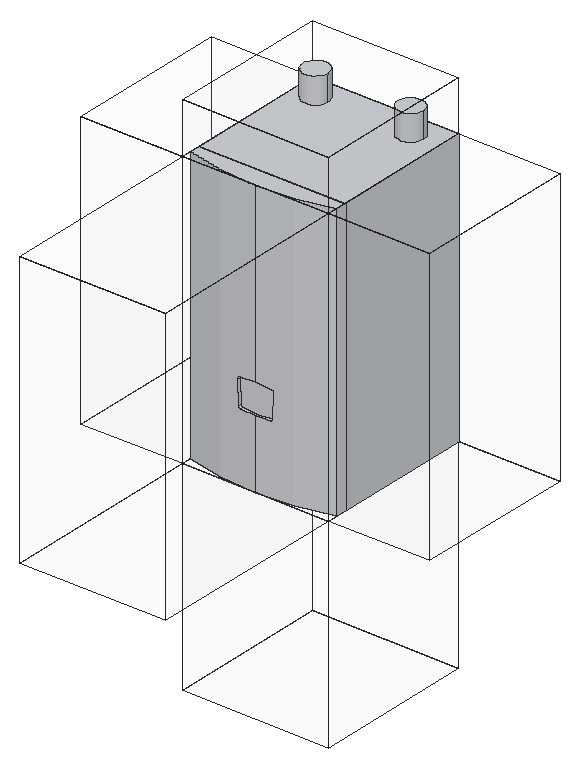
Revit family "Epic Combi EPC110N-199N", category Mechanical Equipment, Revit 2016
Family settings
  Part Type = Normal
  Round Connector Dimension = Use Diameter
  Work Plane-Based = No
  Always vertical = Yes
  Cut with Voids When Loaded = No
  Shared = No
  Room Calculation Point = No
Parameters (values of type "EPC110N")
  Voltage/Heater = "120"
  Voltage/Control = "24"
  VENT SIZE = 3"
  URL = "http://www.lochinvar.com/products/default.aspx?type=productline&lineid=240"
  Total Amps = "2.2"
  Top Clearance = 6"
  SES BIM Studio # = "18 0649 05"
  Right Clearance = 12"
  R Domestic In Offset from Right = 5"
  Q Boiler Water Out Offset from Right = 12 3/4"
  P Condensate Offset from Right = 14 1/2"
  OUTPUT RATE (BTUH) = "102,000"
  O Boiler Water In Offset from Right = 2 3/4"
  N DHW Out Offset from Right = 10 1/2"
  Model = MODEL NO.  # "EPC110N"
  Manufacturer = "Lochinvar"
  MODEL NO. = "EPC110N"
  M Water Offset from Back = 9"
  Left Clearance = 12"
  L Condensate Offset from Back = 2 3/4"
  K Gas Offset from Back = 13 1/2"
  J Gas Offset from Left = 8 3/4"
  INPUT RATE (BTUH) = "110,000"
  I Combustion Air Offset from Right = 3 1/2"
  GAS CONN = 1/2"
  GALLON CAPACITY = "1.4"
  G Combustion Air Offset from Back = 2 3/4"
  Fuel Type = "Natural or LP"
  Front Clearance Depth = 24"
  Front Clearance = 24"
  FUEL TYPE = "NATURAL GAS"
  Electrical Offset from Right = 3 1/2"
  Electrical Offset from Back = 11 3/4"
  E Vent Offset from Back = 2 3/4"
  Description = "Epic Fire Tube Combi"
  DHW Diameter = 3/4"
  D Vent Offset from Right = 14 3/4"
  Condensate Diameter = 3/4"
  Clearance Display = yes
  C_UNIT DEPTH = 18"
  Bottom Clearance = 24"
  B_UNIT WIDTH = 17 1/4"
  BOILER WATER CONN = 1"
  A_UNIT HEIGHT = 32 1/2"
  AIR INLET = 3"
  # of Electrical Connections = "1"
Types (4): name | R Domestic In Offset from Right | Q Boiler Water Out Offset from Right | P Condensate Offset from Right | OUTPUT RATE (BTUH) | O Boiler Water In Offset from Right | N DHW Out Offset from Right | Model | MODEL NO. | M Water Offset from Back | L Condensate Offset from Back | J Gas Offset from Left | INPUT RATE (BTUH) | I Combustion Air Offset from Right | GALLON CAPACITY | G Combustion Air Offset from Back | D Vent Offset from Right | B_UNIT WIDTH
  (no name) | 5" | 12 3/4" | 14 1/2" | "102,000" | 2 3/4" | 10 1/2" | "EPC110N" | "EPC110N" | 9" | 2 3/4" | 8 3/4" | "110,000" | 3 1/2" | "1.4" | 2 3/4" | 14 3/4" | 17 1/4"
  EPC110N | 5" | 12 3/4" | 14 1/2" | "102,000" | 2 3/4" | 10 1/2" | "EPC110N" | "EPC110N" | 9" | 2 3/4" | 8 3/4" | "110,000" | 3 1/2" | "1.4" | 2 3/4" | 14 3/4" | 17 1/4"
  EPC150N | 7 1/4" | 13 3/4" | 6 1/4" | "139,000" | 5" | 11 1/2" | "EPC150N" | "EPC150N" | 9" | 3" | 2 3/4" | "150,000" | 6 1/4" | "2.0" | 11 3/4" | 6 3/4" | 18 3/4"
  EPC199N | 5 1/4" | 13" | 5 1/2" | "185,000" | 2 3/4" | 10 1/2" | "EPC199N" | "EPC199N" | 9 1/2" | 2 3/4" | 2 3/4" | "199,999" | 5 1/2" | "2.7" | 11 1/2" | 5 1/2" | 18 3/4"
Reference planes (in)
  plane 1 "Center (Front/Back)": y = 0
  plane 2: z = 0
  plane 3 "Center (Left/Right)": x = 0
  plane 4 "Unit Right": x = 8.625
  plane 5 "Unit Left": x = -8.625
  plane 6: y = -18
  plane 7: y = -16.75
  plane 8 "Unit Front": y = -19.25
  plane 9 "Unit Top": z = 32.5
  plane 10: y = -2.75
  plane 11: y = -2.75
  plane 12: y = -2.75
  plane 13: y = -9
  plane 14: y = -13.5
  plane 15: y = -11.75
  plane 16: x = -5.875
  plane 17: x = -6.125
  plane 18: x = -4.125
  plane 19: x = -1.875
  plane 20: x = 0.125
  plane 21: x = 5.125
  plane 22: x = 5.875
  plane 23: x = 3.625
  plane 24: x = 5.125
  plane 25 "Top Clearance": z = 38.5
  plane 26 "Bottom Clearance": z = -24
  plane 27 "Front Clearance": y = -43.25
  plane 28 "Left Clearance": x = -20.625
  plane 29 "Right Clearance": x = 20.625
Forms (in)
  Extrusion 1, solid
    sketch origin (0, 0, 0) x (1, 0, 0) y (0, 1, 0)
      loop
        line (-8.625, 0) -> (-8.625, -16.75) -> (8.625, -16.75) -> (8.625, 0) -> (-8.625, 0)
    from 0 to 32.5
  Extrusion 2, solid
    sketch origin (0, 0, 0) x (1, 0, 0) y (0, 1, 0)
      loop
        line (-8.625, -16.75) -> (-8.625, -18)
        arc (-8.625, -18) -> (-4.35755, -18.93586) -> (0, -19.25) r 30.38281
        arc (0, -19.25) -> (4.35755, -18.93586) -> (8.625, -18) r 30.38281
        line (8.625, -18) -> (8.625, -16.75) -> (-8.625, -16.75)
    from 0 to 32.5
  Extrusion 3, void
    sketch origin (0, -19.25, 0) x (-1, 0, 0) y (0, 0, 1)
      loop
        line (0, 11.6875) -> (-1.89423, 11.55504)
        arc (-1.89423, 11.55504) -> (-2.06258, 11.47293) -> (-2.12664, 11.29693) r 0.25
        line (-2.12664, 11.29693) -> (-2.02857, 8.48853)
        arc (-2.02857, 8.48853) -> (-1.95912, 8.32418) -> (-1.79778, 8.24798) r 0.25
        line (-1.79778, 8.24798) -> (0, 8.11049) -> (1.79778, 8.24798)
        arc (1.79778, 8.24798) -> (1.95912, 8.32418) -> (2.02857, 8.48853) r 0.25
        line (2.02857, 8.48853) -> (2.12664, 11.29693)
        arc (2.12664, 11.29693) -> (2.06258, 11.47293) -> (1.89423, 11.55504) r 0.25
        line (1.89423, 11.55504) -> (0, 11.6875)
    from 0 to 0.375
  Extrusion 4, solid
    sketch origin (0, 0, 32.5) x (1, 0, 0) y (0, 1, 0)
      loop
        circle (-6.125, -2.75) r 1.5
      loop
        circle (5.125, -2.75) r 1.5
    from 0 to 3
  Extrusion 5, solid
    sketch origin (0, 0, 0) x (0, 1, 0) y (1, 0, 0)
      loop
        circle (-9, -4.125) r 0.5
      loop
        circle (-9, -1.875) r 0.375
      loop
        circle (-9, 3.625) r 0.375
      loop
        circle (-9, 5.875) r 0.5
    from 0 to 1
  Extrusion 6, solid
    sketch origin (-0.28051, 1.49603, 0) x (0, 1, 0) y (1, 0, 0)
      loop
        circle (-4.24603, -5.59449) r 0.375
    from 0 to 3
  Extrusion 7, solid
    sketch origin (0, 0, 0) x (0, 1, 0) y (1, 0, 0)
      loop
        circle (-13.5, 0.125) r 0.25
    from 0 to 1
  Extrusion 8, solid
    sketch origin (0, 0, 0) x (0, 1, 0) y (1, 0, 0)
      loop
        circle (-11.75, 5.125) r 0.25
    from 0 to 0.25
  Extrusion 9, solid, material "Clearance", visible <- "Clearance Display"
    sketch origin (0, 0, 32.5) x (0, -1, 0) y (1, 0, 0)
      loop
        line (0, -8.625) -> (19.25, -8.625) -> (19.25, 8.625) -> (0, 8.625) -> (0, -8.625)
    from 0 to 6
  Extrusion 10, solid, material "Clearance", visible <- "Clearance Display"
    sketch origin (0, 0, 0) x (1, 0, 0) y (0, 1, 0)
      loop
        line (-8.625, -19.25) -> (-8.625, -43.25) -> (8.625, -43.25) -> (8.625, -19.25) -> (-8.625, -19.25)
    from 0 to 32.5
  Extrusion 11, solid, material "Clearance", visible <- "Clearance Display"
    sketch origin (0, 0, 0) x (1, 0, 0) y (0, 1, 0)
      loop
        line (-20.625, 0) -> (-20.625, -19.25) -> (-8.625, -19.25) -> (-8.625, 0) -> (-20.625, 0)
    from 0 to 32.5
  Extrusion 12, solid, material "Clearance", visible <- "Clearance Display"
    sketch origin (0, 0, 0) x (1, 0, 0) y (0, 1, 0)
      loop
        line (8.625, 0) -> (8.625, -19.25) -> (20.625, -19.25) -> (20.625, 0) -> (8.625, 0)
    from 0 to 32.5
  Extrusion 13, solid, material "Clearance", visible <- "Clearance Display"
    sketch origin (0, 0, 0) x (0, 1, 0) y (1, 0, 0)
      loop
        line (0, -8.625) -> (0, 8.625) -> (-19.25, 8.625) -> (-19.25, -8.625) -> (0, -8.625)
    from 0 to 24
Cuts and joins
  Extrusion 3 cuts Extrusion 1
  Extrusion 3 cuts Extrusion 2
Dimensions and locks (in)
  equal spacing: plane 5 "Unit Left", plane 3 "Center (Left/Right)", plane 4 "Unit Right"
  "B_UNIT WIDTH": plane 5 "Unit Left" to plane 4 "Unit Right"
  "A_UNIT HEIGHT": plane 9 "Unit Top" to plane 2
  "C_UNIT DEPTH": plane 1 "Center (Front/Back)" to plane 6
  locked: plane 6 to plane 8 "Unit Front" at 1.25
  locked: plane 7 to plane 6 at 1.25
  "P Condensate Offset from Right": plane 16 to plane 4 "Unit Right"
  "D Vent Offset from Right": plane 17 to plane 4 "Unit Right"
  "I Combustion Air Offset from Right": plane 24 to plane 4 "Unit Right"
  "K Gas Offset from Back": plane 1 "Center (Front/Back)" to plane 14
  "Electrical Offset from Back": plane 1 "Center (Front/Back)" to plane 15
  "M Water Offset from Back": plane 1 "Center (Front/Back)" to plane 13
  "E Vent Offset from Back": plane 11 to plane 1 "Center (Front/Back)"
  "G Combustion Air Offset from Back": plane 1 "Center (Front/Back)" to plane 12
  "L Condensate Offset from Back": plane 1 "Center (Front/Back)" to plane 10
  "J Gas Offset from Left": plane 5 "Unit Left" to plane 20
  "O Boiler Water In Offset from Right": plane 22 to plane 4 "Unit Right"
  "Electrical Offset from Right": plane 21 to plane 4 "Unit Right"
  "R Domestic In Offset from Right": plane 23 to plane 4 "Unit Right"
  "N DHW Out Offset from Right": plane 19 to plane 4 "Unit Right"
  "Q Boiler Water Out Offset from Right": plane 18 to plane 4 "Unit Right"
  "Left Clearance": plane 28 "Left Clearance" to plane 5 "Unit Left"
  "Right Clearance": plane 4 "Unit Right" to plane 29 "Right Clearance"
  "Front Clearance": plane 8 "Unit Front" to plane 27 "Front Clearance"
  "Top Clearance": plane 25 "Top Clearance" to plane 9 "Unit Top"
  "Bottom Clearance": plane 2 to plane 26 "Bottom Clearance"
  "VENT SIZE": diameter of Extrusion 4 sketch curve
  "AIR INLET": diameter of Extrusion 4 sketch curve
  "GAS CONN": diameter of Extrusion 7 sketch curve
  "Condensate Diameter": diameter of Extrusion 6 sketch curve
  "BOILER WATER CONN": diameter of Extrusion 5 sketch curve  (x2)
  "DHW Diameter": diameter of Extrusion 5 sketch curve  (x2)
  aligned and locked: plane 2 to level
  aligned and locked: Extrusion 1 to plane 7
  aligned and locked: plane 5 "Unit Left" to Extrusion 1
  aligned and locked: Extrusion 1 to plane 1 "Center (Front/Back)"
  aligned and locked: Extrusion 1 to plane 4 "Unit Right"
  aligned and locked: Extrusion 1 to plane 9 "Unit Top"
  aligned and locked: Extrusion 2 sketch curve to plane 7
  aligned and locked: plane 5 "Unit Left" to Extrusion 2 sketch curve
  aligned and locked: plane 4 "Unit Right" to Extrusion 2 sketch curve
  aligned and locked: plane 8 "Unit Front" to Extrusion 2 sketch curve
  aligned and locked: Extrusion 2 to Extrusion 1
  aligned and locked: plane 11 to Extrusion 4 sketch curve
  aligned and locked: plane 17 to Extrusion 4 sketch curve
  aligned and locked: plane 12 to Extrusion 4 sketch curve
  aligned and locked: plane 24 to Extrusion 4 sketch curve
  aligned and locked: plane 10 to Extrusion 6 sketch curve
  aligned and locked: plane 16 to Extrusion 6 sketch curve
  aligned and locked: plane 20 to Extrusion 7 sketch curve
  aligned and locked: plane 14 to Extrusion 7 sketch curve
  aligned and locked: plane 15 to Extrusion 8 sketch curve
  aligned and locked: plane 21 to Extrusion 8 sketch curve
  aligned and locked: plane 13 to Extrusion 5 sketch curve  (x4)
  aligned and locked: plane 18 to Extrusion 5 sketch curve
  aligned and locked: plane 19 to Extrusion 5 sketch curve
  aligned and locked: plane 23 to Extrusion 5 sketch curve
  aligned and locked: plane 22 to Extrusion 5 sketch curve
  aligned and locked: Extrusion 9 sketch curve to cut or joined group of Extrusion 1, Extrusion 3  (x2)
  aligned and locked: Extrusion 9 sketch curve to plane 8 "Unit Front"
  aligned and locked: Extrusion 9 sketch curve to plane 4 "Unit Right"
  aligned and locked: Extrusion 9 to plane 25 "Top Clearance"
  aligned and locked: Extrusion 10 sketch curve to Extrusion 9  (x2)
  aligned and locked: plane 27 "Front Clearance" to Extrusion 10 sketch curve
  aligned and locked: plane 4 "Unit Right" to Extrusion 10 sketch curve
  aligned and locked: Extrusion 10 to plane 9 "Unit Top"
  aligned and locked: plane 1 "Center (Front/Back)" to Extrusion 11 sketch curve
  aligned and locked: Extrusion 11 sketch curve to plane 28 "Left Clearance"
  aligned and locked: Extrusion 11 sketch curve to Extrusion 9
  aligned and locked: Extrusion 11 sketch curve to Extrusion 10
  aligned and locked: Extrusion 12 sketch curve to cut or joined group of Extrusion 1, Extrusion 3
  aligned and locked: Extrusion 12 sketch curve to Extrusion 9
  aligned and locked: plane 8 "Unit Front" to Extrusion 12 sketch curve
  aligned and locked: plane 29 "Right Clearance" to Extrusion 12 sketch curve
  aligned and locked: Extrusion 11 to plane 9 "Unit Top"
  aligned and locked: Extrusion 12 to plane 9 "Unit Top"
  aligned and locked: Extrusion 13 sketch curve to cut or joined group of Extrusion 1, Extrusion 3
  aligned and locked: Extrusion 13 sketch curve to Extrusion 9  (x2)
  aligned and locked: Extrusion 13 sketch curve to Extrusion 10
  aligned and locked: plane 26 "Bottom Clearance" to Extrusion 13
Automatic sketch dimensions
  Extrusion 1 sketch curve to plane 5 "Unit Left" = 0"
  Extrusion 1 sketch curve to plane 4 "Unit Right" = 0"
  Extrusion 1 sketch curve to plane 7 = 0"
  plane 1 "Center (Front/Back)" to Extrusion 1 sketch curve = 0"
  Extrusion 2 sketch curve to plane 3 "Center (Left/Right)" = 0"
  Extrusion 2 sketch curve to plane 6 = 0"  (x2)
  Extrusion 2 sketch curve to plane 3 "Center (Left/Right)" = 0.00023"
  plane 3 "Center (Left/Right)" to Extrusion 2 sketch curve = 0.00023"
  Extrusion 3 sketch curve to plane 3 "Center (Left/Right)" = 0"  (x2)
  plane 3 "Center (Left/Right)" to Extrusion 3 sketch curve = 1.77872"
  Extrusion 3 sketch curve to Extrusion 3 sketch curve = 0.01906"  (x2)
  plane 3 "Center (Left/Right)" to Extrusion 3 sketch curve = 1.87679"
  Extrusion 3 sketch curve to Extrusion 3 sketch curve = 0.01744"  (x2)
  Extrusion 3 sketch curve to Extrusion 3 sketch curve = 0.24985"  (x3)
  Extrusion 3 sketch curve to plane 3 "Center (Left/Right)" = 1.77872"
  Extrusion 3 sketch curve to plane 3 "Center (Left/Right)" = 1.87679"
  level to Extrusion 3 sketch curve = 8.11049"
  Extrusion 3 sketch curve to Extrusion 3 sketch curve = 0.13749"  (x2)
  Extrusion 3 sketch curve to Extrusion 3 sketch curve = 0.24055"  (x2)
  Extrusion 3 sketch curve to Extrusion 3 sketch curve = 0.00872"  (x3)
  Extrusion 3 sketch curve to Extrusion 3 sketch curve = 2.80839"  (x2)
  Extrusion 3 sketch curve to Extrusion 3 sketch curve = 0.13246"
  radius of Extrusion 8 sketch curve = 1/4"
Connectors (in)
  hvac at (5.125, -2.75, 35.5), driven by "AIR INLET"
    settings: on Extrusion 4, index 1, duct flow 0 CFM, flow factor 0, pres drop 0.00 in-wg, loss coef 0, conn angle 0.00°, conn width 12", conn height 12", conn diameter 3", duct sys type 1, conn prof type 0, flow config 0, flow direction 1, loss method 0, conn ref index -1, conn util no, is conn primary yes, conn desc "Air Inlet Connection"
  hvac at (-6.125, -2.75, 35.5), driven by "VENT SIZE"
    settings: on Extrusion 4, index 2, duct flow 0 CFM, flow factor 0, pres drop 0.00 in-wg, loss coef 0, conn angle 0.00°, conn width 12", conn height 12", conn diameter 3", duct sys type 3, conn prof type 0, flow config 0, flow direction 2, loss method 0, conn ref index -1, conn util no, is conn primary no, conn desc "Vent Connection"
  piping at (-5.875, -2.75, -3), diameter 0.75, driven by "Condensate Diameter"
    settings: on Extrusion 6, index 3, connector inside diameter 24", connector length 0", flow factor 0, pipe flow 0 GPM, pressure drop 0.00 psi, fitting loss kfactor 0, connector angle 0.00°, fixture units 0, engagement length 0", angle of deflection 0.00°, flow configuration 0, flow direction 2, fitting loss method 0, system type 16, joint type 0, gender type 0, connector reference index -1, connector utility 0, adjustable connector no, is connector primary yes, connector description "Condensate Connection"
  piping at (-4.125, -9, -1), diameter 1, driven by "BOILER WATER CONN"
    settings: on Extrusion 5, index 4, connector inside diameter 24", connector length 0", flow factor 0, pipe flow 0 GPM, pressure drop 0.00 psi, fitting loss kfactor 0, connector angle 0.00°, fixture units 0, engagement length 0", angle of deflection 0.00°, flow configuration 0, flow direction 2, fitting loss method 0, system type 7, joint type 0, gender type 0, connector reference index -1, connector utility 0, adjustable connector no, is connector primary no, connector description "Boiler Water Outlet"
  piping at (-1.875, -9, -1), diameter 0.75, driven by "DHW Diameter"
    settings: on Extrusion 5, index 5, connector inside diameter 24", connector length 0", flow factor 0, pipe flow 0 GPM, pressure drop 0.00 psi, fitting loss kfactor 0, connector angle 0.00°, fixture units 0, engagement length 0", angle of deflection 0.00°, flow configuration 0, flow direction 2, fitting loss method 0, system type 19, joint type 0, gender type 0, connector reference index -1, connector utility 0, adjustable connector no, is connector primary no, connector description "DHW Outlet"
  piping at (3.625, -9, -1), diameter 0.75, driven by "DHW Diameter"
    settings: on Extrusion 5, index 6, connector inside diameter 24", connector length 0", flow factor 0, pipe flow 0 GPM, pressure drop 0.00 psi, fitting loss kfactor 0, connector angle 0.00°, fixture units 0, engagement length 0", angle of deflection 0.00°, flow configuration 0, flow direction 1, fitting loss method 0, system type 29, joint type 0, gender type 0, connector reference index -1, connector utility 0, adjustable connector no, is connector primary no, connector description "DHW Inlet"
  piping at (5.875, -9, -1), diameter 1, driven by "BOILER WATER CONN"
    settings: on Extrusion 5, index 7, connector inside diameter 24", connector length 0", flow factor 0, pipe flow 0 GPM, pressure drop 0.00 psi, fitting loss kfactor 0, connector angle 0.00°, fixture units 0, engagement length 0", angle of deflection 0.00°, flow configuration 0, flow direction 1, fitting loss method 0, system type 8, joint type 0, gender type 0, connector reference index -1, connector utility 0, adjustable connector no, is connector primary no, connector description "Bolier Water Inlet"
  piping at (0.125, -13.5, -1), diameter 0.5, driven by "GAS CONN"
    settings: on Extrusion 7, index 8, connector inside diameter 24", connector length 0", flow factor 0, pipe flow 0 GPM, pressure drop 0.00 psi, fitting loss kfactor 0, connector angle 0.00°, fixture units 0, engagement length 0", angle of deflection 0.00°, flow configuration 0, flow direction 1, fitting loss method 0, system type 22, joint type 0, gender type 0, connector reference index -1, connector utility 0, adjustable connector no, is connector primary no, connector description "Gas Connection"
  electrical at (5.125, -11.75, -0.25)
    settings: on Extrusion 8, index 9, voltage 0 V, apparent load 0 VA, apparent load phase1 0 VA, apparent load phase2 0 VA, apparent load phase3 0 VA, power factor 1, load classification "Other", number of poles 1, system type 31, power factor state 1, is connector primary yes, connector utility no, sub classification motor no, connector description "Power Connection"
